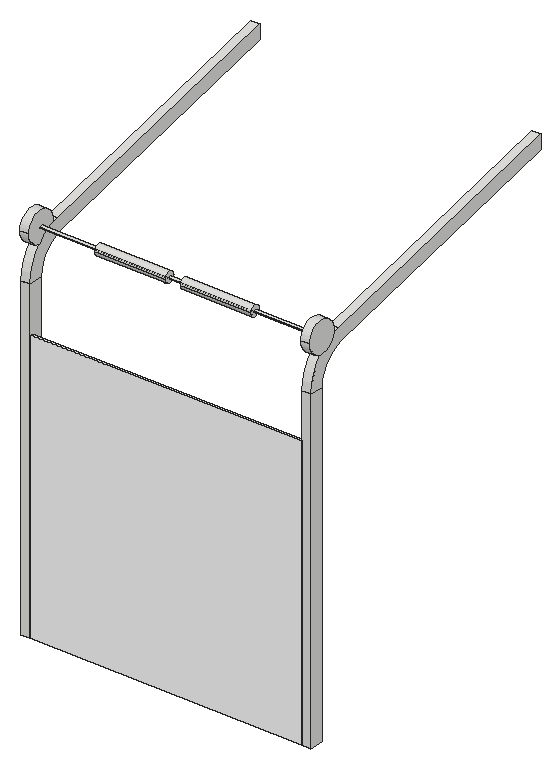
Revit family "Cruiserweight-NI-LH-312P", category Generic Models, host Wall, Revit 2026
Family settings
  Host = Wall
  Can host rebar = No
  Round Connector Dimension = Use Diameter
  Part Type = Normal
  Always vertical = Yes
  Cut with Voids When Loaded = Yes
  Maintain Annotation Orientation = No
  Shared = No
  Room Calculation Point = No
Parameters (values of type "9' x 9'")
  VerticalTrack = TrackHeight - (1' 6")  # 10' - 6"
  URL = "https://kelleyentrematic.com/products/doors/dock-doors/impactable-dock-doors/"
  Type Comments = "Non-Insulated"  # constant formula
  TrackWidth = 0' - 3 1/2"
  TrackHeight = OpeningHeight + HeadRoom  # 12' - 0"
  TrackDepth = 0' - 5 3/8"
  PanelSize = 2' - 0"  # constant formula
  OpeningWidth = 9' - 0"
  OpeningHeight = 9' - 0"
  Model = "Cruiserweight"  # constant formula
  Manufacturer = "TKO"  # constant formula
  HorizTrack = OpeningHeight - HeadRoom + 2' 0"  # 8' - 0"
  HeadRoom = 3' - 0"  # constant formula
  DoorThk = 0' - 0 3/4"  # constant formula
  Description = "Sectional Doors"  # constant formula
  Default Elevation = 0' - 0"
Types (10): name | VerticalTrack | TrackHeight | OpeningWidth | OpeningHeight | HorizTrack
  (no name) | 10' - 6" | 12' - 0" | 9' - 0" | 9' - 0" | 8' - 0"
  8' x 10' | 11' - 6" | 13' - 0" | 8' - 0" | 10' - 0" | 9' - 0"
  9' x 10' | 11' - 6" | 13' - 0" | 9' - 0" | 10' - 0" | 9' - 0"
  10' x 10' | 11' - 6" | 13' - 0" | 10' - 0" | 10' - 0" | 9' - 0"
  10' x 8' | 9' - 6" | 11' - 0" | 10' - 0" | 8' - 0" | 7' - 0"
  10' x 9' | 10' - 6" | 12' - 0" | 10' - 0" | 9' - 0" | 8' - 0"
  8' x 9' | 10' - 6" | 12' - 0" | 8' - 0" | 9' - 0" | 8' - 0"
  8' x 8' | 9' - 6" | 11' - 0" | 8' - 0" | 8' - 0" | 7' - 0"
  9' x 9' | 10' - 6" | 12' - 0" | 9' - 0" | 9' - 0" | 8' - 0"
  9' x 8' | 10' - 6" | 12' - 0" | 9' - 0" | 9' - 0" | 8' - 0"
Reference planes (in)
  plane 1: y = 0
  plane 2 "Center (Left/Right)": x = 0
  plane 3 "Wall Edge": y = 3
  plane 4: x = -54
  plane 5: x = 54
  plane 6: z = 108
  plane 7: y = 3
  plane 8: y = 3.75
  plane 9: z = 24
  plane 10: z = 48
  plane 11: z = 72
  plane 12: x = -57.5
  plane 13: x = 57.5
  plane 14: y = 8.375
  plane 15: z = 144
  plane 16: z = 96
  plane 17: z = 120
  plane 18: x = -3
  plane 19: x = 3
  plane 20: x = 31
  plane 21: x = -31
  plane 22: z = 126
  plane 23: y = 21
  plane 24: y = 117
  plane 25: y = 12
Forms (in)
  Extrusion 1, void
    sketch origin (0, 3, 0) x (1, 0, 0) y (0, 0, 1)
      loop
        line (54, 108) -> (-54, 108) -> (-54, 0) -> (54, 0) -> (54, 108)
    from 0 to 6
  Extrusion 2, solid, material "DOOR PANEL"
    sketch origin (0, 0, 0) x (1, 0, 0) y (0, 1, 0)
      loop
        line (-54, 3.75) -> (-54, 3) -> (54, 3) -> (54, 3.75) -> (-54, 3.75)
    from 0 to 108
  Extrusion 3, solid, material "Steel"
    sketch origin (0, 0, 0) x (1, 0, 0) y (0, 1, 0)
      loop
        line (-57.5, 8.375) -> (-57.5, 3) -> (-54, 3) -> (-54, 8.375) -> (-57.5, 8.375)
      loop
        line (54, 8.375) -> (54, 3) -> (57.5, 3) -> (57.5, 8.375) -> (54, 8.375)
    from 0 to 126
  Extrusion 4, solid, material "Steel"
    sketch origin (0, 0, 0) x (0, 1, 0) y (0, 0, 1)
      loop
        circle (8.375, 144) r 6
    from 54 to 57.5
  Extrusion 5, solid, material "Steel"
    sketch origin (0, -34.08603, 5.06861) x (0, 1, 0) y (0, 0, -1)
      loop
        circle (42.46103, -138.93139) r 6
    from 54 to 57.5
  Extrusion 6, solid, material "Steel"
    sketch origin (0, 0, 0) x (0, 1, 0) y (0, 0, 1)
      loop
        circle (8.375, 144) r 0.5
    from -54 to 54
  Extrusion 7, solid, material "Steel"
    sketch origin (0, 0, 0) x (0, 1, 0) y (0, 0, 1)
      loop
        circle (8.375, 144) r 2
    from 3 to 31
  Extrusion 8, solid, material "Steel"
    sketch origin (0, 0, 0) x (0, 1, 0) y (0, 0, -1)
      loop
        circle (8.375, -144) r 2
    from 3 to 31
  Extrusion 9, solid, material "Steel"
    sketch origin (0, 0, 0) x (0, 1, 0) y (0, 0, 1)
      loop
        line (3, 126) -> (8.375, 126)
        arc (8.375, 126) -> (11.05136, 133.77273) -> (17.94574, 138.24998) r 12.625
        line (17.94574, 138.24998) -> (117, 162.94699) -> (117, 168.48653) -> (16.64541, 143.46532)
        arc (16.64541, 143.46532) -> (6.81581, 137.08191) -> (3, 126) r 18
    from 54 to 57.5
  Extrusion 10, solid, material "Steel"
    sketch origin (0, 0, 0) x (0, 1, 0) y (0, 0, -1)
      loop
        arc (3, -126) -> (6.81581, -137.08191) -> (16.64541, -143.46532) r 18
        line (16.64541, -143.46532) -> (117, -168.48653) -> (117, -162.94699) -> (17.94574, -138.24998)
        arc (17.94574, -138.24998) -> (11.05136, -133.77273) -> (8.375, -126) r 12.625
        line (8.375, -126) -> (3, -126)
    from 54 to 57.5
Cuts and joins
  joined: Extrusion 3, Extrusion 4, Extrusion 5
Lines and regions (in)
  model lines
    curve 1: line (54, 3, 24) -> (-54, 3, 24)
    curve 2: line (-54, 3, 48) -> (54, 3, 48)
    curve 3: line (54, 3, 72) -> (-54, 3, 72)
    curve 4: line (54, 3, 96) -> (-54, 3, 96)
    curve 5: line (54, 3, 120) -> (-54, 3, 120)
Text (in)
  text "Placement Side" at (0, 40.15149, 123.01588), in view "Right"
  text "Placement Side" at (-70.3804, 83.26548, 0), in view "Ref. Level"
  text "Placement Side" at (0, 81.62555, 140.59947), in view "Left"
Dimensions and locks (in)
  locked: plane 3 "Wall Edge" to host wall
  equal spacing: plane 5, plane 2 "Center (Left/Right)", plane 4
  "OpeningWidth": plane 5 to plane 4
  "DoorThk": plane 7 to plane 8
  "TrackDepth": plane 14 to plane 7
  "TrackWidth": plane 12 to plane 4
  "TrackWidth": plane 5 to plane 13
  "PanelSize": plane 9 to level
  equal spacing: plane 17, plane 16, plane 11, plane 10, plane 9, level
  "OpeningHeight": level to plane 6
  equal spacing: plane 18, plane 2 "Center (Left/Right)", plane 19, locked at 3 each
  locked: plane 21 to plane 18 at 28
  locked: plane 19 to plane 20 at 28
  "VerticalTrack": level to plane 22
  "HeadRoom": plane 6 to plane 15
  locked: plane 7 to plane 23 at 18
  "HorizTrack": plane 24 to plane 23
  locked: plane 7 to plane 25 at 9
  radius of Extrusion 4 sketch curve = 0' - 6"
  radius of Extrusion 5 sketch curve = 0' - 6"
  radius of Extrusion 6 sketch curve = 0' - 0 1/2"
  radius of Extrusion 7 sketch curve = 0' - 2"
  radius of Extrusion 8 sketch curve = 0' - 2"
  radius of Extrusion 9 sketch curve = 1' - 6"
  radius of Extrusion 9 sketch curve = 1' - 0 5/8"
  radius of Extrusion 10 sketch curve = 1' - 6"
  radius of Extrusion 10 sketch curve = 1' - 0 5/8"
  locked: plane 22 to Extrusion 9 sketch curve (angle 14.00°)  (x2)
  aligned and locked: host wall to plane 7
  aligned and locked: Extrusion 1 sketch curve to plane 5
  aligned and locked: Extrusion 1 sketch curve to plane 4
  aligned and locked: Extrusion 1 to plane 7
  aligned and locked: host wall to Extrusion 1
  aligned and locked: Extrusion 2 to plane 3 "Wall Edge"
  aligned and locked: plane 8 to Extrusion 2
  aligned and locked: Extrusion 2 to plane 6
  aligned and locked: Extrusion 3 sketch curve to plane 14  (x2)
  aligned and locked: Extrusion 3 sketch curve to plane 12
  aligned and locked: curve 1 to Extrusion 3 sketch curve
  aligned and locked: plane 5 to Extrusion 3 sketch curve
  aligned and locked: Extrusion 3 sketch curve to plane 7
  aligned and locked: Extrusion 3 sketch curve to plane 13
  aligned and locked: plane 15 to Extrusion 4 sketch curve
  aligned and locked: Extrusion 3 to Extrusion 4 sketch curve
  aligned and locked: Extrusion 4 to plane 13
  aligned and locked: Extrusion 4 to plane 5
  aligned and locked: plane 4 to Extrusion 5
  aligned and locked: Extrusion 5 to plane 12
  aligned and locked: curve 2 to plane 10
  aligned and locked: curve 3 to plane 11
  aligned and locked: curve 1 to plane 9
  aligned and locked: cut or joined group of Extrusion 3, Extrusion 4, Extrusion 5 to Extrusion 6 sketch curve
  aligned and locked: plane 5 to Extrusion 6
  aligned and locked: Extrusion 6 to plane 4
  aligned and locked: cut or joined group of Extrusion 3, Extrusion 4, Extrusion 5 to level
  aligned and locked: Extrusion 2 to level
  aligned and locked: curve 4 to plane 16
  aligned and locked: curve 5 to plane 17
  aligned and locked: level to Extrusion 2
  aligned and locked: Extrusion 1 sketch curve to level
  aligned and locked: Extrusion 1 sketch curve to plane 6
  aligned and locked: plane 15 to Extrusion 7 sketch curve
  aligned and locked: plane 14 to Extrusion 7 sketch curve
  aligned and locked: Extrusion 7 to plane 20
  aligned and locked: plane 19 to Extrusion 7
  aligned and locked: Extrusion 8 to plane 18
  aligned and locked: plane 21 to Extrusion 8
  aligned and locked: plane 15 to Extrusion 8 sketch curve
  aligned and locked: Extrusion 8 sketch curve to plane 14
  aligned and locked: plane 22 to cut or joined group of Extrusion 3, Extrusion 4, Extrusion 5
  aligned and locked: Extrusion 9 sketch curve to cut or joined group of Extrusion 3, Extrusion 4, Extrusion 5
  aligned and locked: plane 24 to Extrusion 9 sketch curve
  aligned and locked: plane 22 to Extrusion 9 sketch curve
  aligned and locked: plane 13 to Extrusion 9
  aligned and locked: Extrusion 9 to plane 5
  aligned and locked: Extrusion 10 to plane 12
  aligned and locked: plane 4 to Extrusion 10
  aligned and locked: plane 24 to Extrusion 10
  aligned and locked: Extrusion 10 to plane 22
  aligned and locked: Extrusion 9 to Extrusion 10  (x2)
  aligned and locked: Extrusion 9 to plane 22
  aligned and locked: plane 24 to Extrusion 9
  aligned and locked: Extrusion 10 sketch curve to Extrusion 9  (x2)
  aligned and locked: Extrusion 10 sketch curve to plane 24
  aligned and locked: Extrusion 10 sketch curve to plane 22
  aligned and locked: plane 15 to Extrusion 5 sketch curve
  aligned and locked: Extrusion 2 to plane 4
  aligned and locked: Extrusion 2 to plane 5
  aligned and locked: plane 4 to cut or joined group of Extrusion 3, Extrusion 4, Extrusion 5
Automatic sketch dimensions
  Extrusion 2 sketch curve to host wall = 0' - 0"
  Extrusion 2 sketch curve to plane 4 = 0' - 0"
  plane 5 to Extrusion 2 sketch curve = 0' - 0"
  Extrusion 2 sketch curve to plane 8 = 0' - 0"
  curve 3 to plane 4 = 0' - 0"
  curve 1 to plane 4 = 0' - 0"
  curve 2 to plane 4 = 0' - 0"
  curve 4 to plane 4 = 0' - 0"
  curve 5 to plane 4 = 0' - 0"
  curve 4 to plane 5 = 0' - 0"
  curve 2 to plane 5 = 0' - 0"
  curve 5 to plane 5 = 0' - 0"
  curve 1 to plane 5 = 0' - 0"
  curve 3 to plane 5 = 0' - 0"
  plane 4 to Extrusion 3 sketch curve = 0' - 0"
  Extrusion 3 sketch curve to plane 13 = 0' - 0"
  Extrusion 6 sketch curve to plane 15 = 0' - 0"
  Extrusion 9 sketch curve to Extrusion 9 sketch curve = 0' - 0"
  Extrusion 9 sketch curve to host wall = 0' - 0"
  Extrusion 9 sketch curve to plane 15 = 0' - 0.53468"
  Extrusion 9 sketch curve to plane 23 = 0' - 3.05426"
  Extrusion 10 sketch curve to plane 15 = 0' - 0.53468"
  Extrusion 10 sketch curve to plane 23 = 0' - 3.05426"
  Extrusion 5 sketch curve to plane 14 = 0' - 0"
